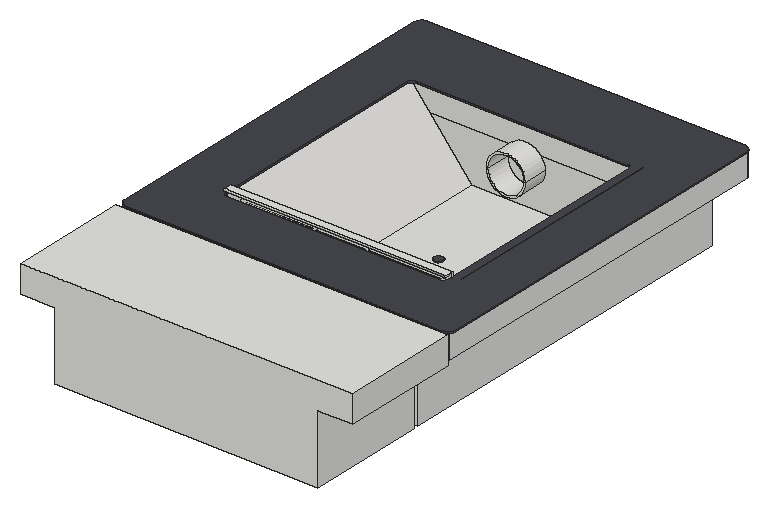
Revit family "Liv_In-Wall_Water Dispenser-Elkay-LBWDC00BKC", category Plumbing Fixtures, host Face, Revit 2022
Family settings
  Host = Face
  Round Connector Dimension = Use Diameter
  Part Type = Normal
  OmniClass Number = 23.65.70.14.11
  OmniClass Title = Drinking Fountains/Coolers
  Cut with Voids When Loaded = No
  Maintain Annotation Orientation = No
  Shared = No
  Room Calculation Point = No
Parameters (values of type "LBWDC00BKC (Commercial Filtered Water Dispenser Non refrigerated Midnight)")
  Width = 18.00"
  Waste Connection = no
  Voltage = 115 V
  URL = "https://www.elkay.com/us/en.html"
  Second material = Elkay-Transparent
  Repair Parts URL = "https://www.elkayfiles.com/care-cleaning-install-warranty-sheets/2000000350.pdf"
  Product data URL = "https://www.bimobject.com/en/elkay/product/lbwdc00bkc"
  Product Weight (lbs) = 25
  Product Page URL = "https://www.elkay.com/products/details/lbwdc00bkc"
  Product Installation Sheet URL = "https://www.elkayfiles.com/care-cleaning-install-warranty-sheets/2000000350.pdf"
  Product Documentation Link = "https://www.elkayfiles.com/spec-sheets/lbwdc00bkc_spec.pdf"
  Power Factor = 0
  Outlet connection = 1.25"
  Number of Poles = 1
  Model = "LBWDC00BKC"
  Material_Front Panel = Finish-Elkay-Midnight Black
  Manufacturer Brand = "Elkay (by Zurn Elkay Water Solutions)"
  Manufacturer = "Elkay Manufacturer Company"
  Main Material = Finish-Elkay-Stainless Steel
  Length = 5.13"
  Inlet connection = 0.38"
  Height = 28.00"
  Description = "Liv®  In-Wall Filtered Water Dispenser Non-refrigerated Midnight"
  Default Elevation = 48.00"
  Date Created = "09/05/2025"  # constant formula
  Current = 0 A
  CW Connection = no
  Assembly Code = "D2010"
  Approx. Shipping Weight (lbs) = 41
  Activation Method = "Electronic Bottle Filler Sensor"
Reference planes (in)
  plane 1 "Center (Front/Back)": y = 0
  plane 2: z = 0
  plane 3 "Center (Left/Right)": x = 0
  plane 4: x = -17.78201
  plane 5: x = 10.83353
  plane 6: z = 5.55545
  plane 7: z = 5.31587
  plane 8: x = -8.8714
  plane 9: x = -9
  plane 10: x = 9
  plane 11: x = 8.865
  plane 12: x = -6
  plane 13: x = 6
  plane 14: y = -5
  plane 15: x = -6.25
  plane 16: x = 6.25261
  plane 17: z = -0.17073
  plane 18: y = -7.1
  plane 19: y = 12.98044
  plane 20: z = 1.06641
  plane 21: x = -14.25
  plane 22: z = 2.86508
  plane 23: z = -3.8125
  plane 24: y = 2.94144
  plane 25: y = -44.05856
  plane 26: z = -1.30073
  plane 27: x = -7.7
Forms (in)
  Extrusion 1, void
    sketch origin (6.25261, -180, 18.04734) x (0, 0, -1) y (0, -1, 0)
      loop
        line (15.18226, -188.86536) -> (21.85984, -188.86536) -> (21.85984, -176.36044) -> (15.18226, -176.36044) -> (15.18226, -188.86536)
    from 0 to 12
  Extrusion 2, solid, material "Elkay-Transparent"
    sketch origin (0, 0, 0) x (1, 0, 0) y (0, 0, 1)
      loop
        circle (5.84, -2.6225) r 1
    from 7.358 to 7.47518
  Extrusion 3, solid, material "Elkay-Transparent"
    sketch origin (-40.11393, -5, 48) x (-1, 0, 0) y (0, 0, 1)
      loop
        circle (-32.41393, -49.30073) r 1
    from -2.1 to -2.1569
  Extrusion 4, solid, material "Elkay-Transparent"
    sketch origin (0.5, 0, 0) x (1, 0, 0) y (0, 1, 0)
      loop
        circle (6.25261, -6.02874) r 0.25
    from 1.01458 to 1.03135
Lines and regions (in)
  Masking region 1
    outline origin (-40.11393, -5, 48) x (-1, 0, 0) y (0, 0, 1)
      loop
        line (-31.11393, -51.91837) -> (-31.11393, -46.6772) -> (-31.11393, -46.6025) -> (-34.11393, -46.6025) -> (-34.11393, -46.36292) -> (-46.11393, -46.36292) -> (-46.11393, -46.6025) -> (-49.11393, -46.6025) -> (-49.11393, -48.08791) -> (-49.11393, -51.91837) -> (-31.11393, -51.91837)
  Masking region 2, detail levels fine
    outline origin (-40.11393, -5, 48) x (-1, 0, 0) y (0, 0, 1)
      loop
        circle (-32.41393, -49.30073) r 0.75
      loop
        circle (-45.95608, -50.62207) r 0.19
Dimensions and locks (in)
  locked: plane 6 to level at 5.55545
  locked: plane 7 to level at 5.31587
  locked: plane 5 to plane 11 at 1.96853
  plane 5 to plane 11 = 1.96853"
  locked: plane 3 "Center (Left/Right)" to plane 4 at 17.78201
  locked: plane 5 to plane 3 "Center (Left/Right)" at 10.83353
  locked: plane 3 "Center (Left/Right)" to plane 9 at 9
  locked: plane 3 "Center (Left/Right)" to plane 8 at 8.8714
  locked: plane 5 to plane 10 at 1.83353
  plane 13 to plane 3 "Center (Left/Right)" to plane 12 = 6.00" locked, 6.00" locked
  plane 15 to plane 3 "Center (Left/Right)" to plane 16 = 6.25" locked, 6.25261" locked
  locked: level to plane 17 at 0.17073
  locked: plane 1 "Center (Front/Back)" to plane 18 at 7.1
  locked: plane 14 to plane 18 at 2.1
  locked: plane 19 to plane 1 "Center (Front/Back)" at 12.98044
  locked: level to plane 23 at 3.8125
  locked: plane 23 to Extrusion 2 sketch curve at 0.19
  locked: Extrusion 2 to Extrusion 2 at 0.11718
  locked: plane 10 to Extrusion 2 sketch curve at 3.16
  locked: plane 24 to plane 25 at 47
  locked: level to plane 26 at 1.30073
  locked: plane 27 to plane 9 at 1.3
  locked: Extrusion 3 to plane 18 at 0.0569
  locked: Extrusion 4 to Extrusion 4 at 0.01677
  locked: plane 14 to Extrusion 4 sketch curve at 1.02874
  locked: plane 16 to Extrusion 4 sketch curve at 0.5
  locked: plane 16 to Masking region 2 sketch curve at 0.41046
  locked: plane 26 to Masking region 2 sketch curve at 1.32133
  aligned and locked: plane 2 to host face
  aligned and locked: level to host face
  aligned and locked: plane 19 to nested 1  (x2)
  aligned and locked: nested 1 to plane 23
  aligned and locked: Extrusion 1 sketch curve to nested 1  (x2)
  aligned and locked: plane 22 to Extrusion 1
  aligned and locked: Extrusion 1 to plane 23
  aligned and locked: nested 1 to Extrusion 2
  aligned and locked: Masking region 1 sketch curve to nested 1  (x6)
  aligned and locked: plane 12 to Masking region 1 sketch curve
  aligned and locked: nested 1 to Masking region 1 sketch curve
  aligned and locked: Masking region 1 sketch curve to plane 13
  aligned and locked: plane 26 to Extrusion 3 sketch curve
  aligned and locked: plane 27 to Extrusion 3 sketch curve
  aligned and locked: Extrusion 3 to plane 18
  aligned and locked: plane 26 to Masking region 2 sketch curve
  aligned and locked: plane 27 to Masking region 2 sketch curve
  aligned and locked: Extrusion 4 to nested 1
  aligned and locked: Masking region 1 sketch curve to plane 10
Nested families (in)
  nested 1: "LBWC00WHC" at (0, 3.64044, 1.3975) x (1, 0, 0) z (0, 1, 0), Material <- "Main Material", Material_Front Panel <- "Material_Front Panel", type "LBWC00WHC"
    with Material_Front Panel Finish-Elkay-Midnight Black, Material Finish-Elkay-Stainless Steel
Connectors (in)
  piping at (5.84, -7.47518, -2.6225), diameter 0.38, driven by "Inlet connection", driven by "CW Connection"
    settings: on Extrusion 2, index 4, connector inside diameter 24", connector length 0.00", flow factor 0, pipe flow 0 GPM, pressure drop 0.00 psi, fitting loss kfactor 0, connector angle 0.00°, fixture units 0, engagement length 0.00", angle of deflection 0.00°, flow configuration 0, flow direction 1, fitting loss method 0, system type 20, joint type 0, gender type 0, connector reference index -1, connector utility 0, adjustable connector no, is connector primary yes, connector description "Domestic Cold Water Inlet"
  piping at (-7.7, -7.1, -1.30073), diameter 1.25, driven by "Outlet connection", driven by "Waste Connection"
    settings: on Extrusion 3, index 5, connector inside diameter 24", connector length 0.00", flow factor 0, pipe flow 0 GPM, pressure drop 0.00 psi, fitting loss kfactor 0, connector angle 0.00°, fixture units 0, engagement length 0.00", angle of deflection 0.00°, flow configuration 0, flow direction 2, fitting loss method 0, system type 16, joint type 0, gender type 0, connector reference index -1, connector utility 0, adjustable connector no, is connector primary no, connector description "Sanitary Water Outlet"
  electrical at (6.75261, -6.02874, 1.03135), driven by "Number of Poles", driven by "Voltage"
    settings: on Extrusion 4, index 6, voltage 115 V, apparent load 0 VA, apparent load phase1 0 VA, apparent load phase2 0 VA, apparent load phase3 0 VA, power factor 1, load classification "Power", number of poles 1, system type 30, power factor state 1, is connector primary yes, connector utility no, sub classification motor no, connector description "GFCI Receptacle"
Definition of nested family "LBWC00WHC"
  Parameters (values of type "LBWDC00WHC")
    angle 1 = 50.1737°
    Width = 20.50"
    Thickness = 5.30616"
    Material_Front Panel [instance] = none
    Material [instance] = none
    Length = 18.00"
    Default Elevation = 48.00"
    Angle 2 = 49.9996°
  Reference planes (in)
    plane 1 "Center (Front/Back)": y = 0
    plane 2: z = -0.91
    plane 3 "Center (Left/Right)": x = 0
    plane 4: x = -9
    plane 5: z = -11.16
    plane 6: x = 9
    plane 7: z = 9.34
    plane 8: y = 5.31587
    plane 9: z = -7.24
    plane 10: z = -6.07
    plane 11: z = 4.93
    plane 12: y = 4.18794
    plane 13: y = 4.14794
    plane 14: y = 0.0747
    plane 15: z = 5.22492
    plane 16: z = 5.18492
    plane 17: x = -6
    plane 18: x = 6
    plane 19: z = -7.82654
    plane 20: z = 6.00654
    plane 21: y = 2.05587
    plane 22: y = 2.80587
    plane 23: z = 3.88098
    plane 24: x = -1.0644
    plane 25: x = -0.9644
    plane 26: x = -8.8314
    plane 27: x = 8.825
    plane 28: x = -8.8714
    plane 29: y = 5.27587
    plane 30: x = 8.785
    plane 31: y = 1.15848
    plane 32: y = 1.19848
    plane 33: x = 7.4104
    plane 34: x = -7.4104
    plane 35: z = -10.99844
    plane 36: z = 8.92174
    plane 37: y = 1.35263
    plane 38: y = 1.38853
    plane 39: z = 9.13483
    plane 40: z = 9.09893
    plane 41: y = 0.26261
    plane 42: z = 8.90544
    plane 43: z = 8.86954
    plane 44: z = 9.21544
    plane 45: z = 9.17559
    plane 46: x = 8.865
    plane 47: z = -10.95844
    plane 48: z = -7.28
    plane 49: y = -0.20304
    plane 50: y = -0.23958
    plane 51: y = -0.19981
    plane 52: y = -0.16399
    plane 53: z = -3.91668
    plane 54: z = -8.70325
    plane 55: z = -10.90216
    plane 56: z = -10.93806
    plane 57: y = 1.48541
    plane 58: z = -10.75225
    plane 59: z = -9.66918
    plane 60: x = -6.245
    plane 61: x = -3.03825
    plane 62: z = -9.06
    plane 63: z = -0.699
    plane 64: z = -11.285
    plane 65: z = -17.785
  Forms (in)
    Extrusion 1, solid, material <- "Material", detail levels fine
      sketch origin (0, 0, -0.91) x (1, 0, 0) y (0, 1, 0)
        loop
          line (-2.91865, 4.18794) -> (-6.34888, 0.0747) -> (-6.30888, 0.0747) -> (-2.91201, 4.14794) -> (2.88659, 4.14794) -> (6.30449, 0.0747) -> (6.34449, 0.0747) -> (2.89303, 4.18794) -> (-2.91865, 4.18794)
      from -6.33 to 6.13492
    Extrusion 2, solid, material <- "Material", detail levels fine
      sketch origin (0, 0, -0.91) x (1, 0, 0) y (0, 1, 0)
        loop
          line (-2.91865, 4.18794) -> (-6.34888, 0.0747) -> (6.34449, 0.0747) -> (2.89303, 4.18794) -> (-2.91865, 4.18794)
      from 6.09492 to 6.13492
    Extrusion 3, solid, material <- "Material_Front Panel", detail levels fine
      sketch origin (-25.99937, 2.05587, 48) x (-1, 0, 0) y (0, 0, 1)
        loop
          line (-20.24937, -43.07) -> (-31.74937, -43.07)
          arc (-31.74937, -43.07) -> (-31.92615, -43.14322) -> (-31.99937, -43.32) r 0.25
          line (-31.99937, -43.32) -> (-31.99937, -55.57654)
          arc (-31.99937, -55.57654) -> (-31.92615, -55.75331) -> (-31.74937, -55.82654) r 0.25
          line (-31.74937, -55.82654) -> (-20.24937, -55.82654)
          arc (-20.24937, -55.82654) -> (-20.07259, -55.75331) -> (-19.99937, -55.57654) r 0.25
          line (-19.99937, -55.57654) -> (-19.99937, -43.32)
          arc (-19.99937, -43.32) -> (-20.07259, -43.14322) -> (-20.24937, -43.07) r 0.25
        loop
          line (-17.44937, -38.66) -> (-34.54937, -38.66)
          arc (-34.54937, -38.66) -> (-34.86757, -38.7918) -> (-34.99937, -39.11) r 0.45
          line (-34.99937, -39.11) -> (-34.99937, -58.71)
          arc (-34.99937, -58.71) -> (-34.86757, -59.0282) -> (-34.54937, -59.16) r 0.45
          line (-34.54937, -59.16) -> (-17.44937, -59.16)
          arc (-17.44937, -59.16) -> (-17.13117, -59.0282) -> (-16.99937, -58.71) r 0.45
          line (-16.99937, -58.71) -> (-16.99937, -39.11)
          arc (-16.99937, -39.11) -> (-17.13117, -38.7918) -> (-17.44937, -38.66) r 0.45
      from -2.05587 to -1.98117
    Extrusion 4, solid, material <- "Material", detail levels fine
      sketch origin (0, 0, -0.91) x (1, 0, 0) y (0, 1, 0)
        loop
          line (-7.13, 5.21) -> (-7.13, 1.38853) -> (-6, 1.38853) -> (-6, 1.57853) -> (-6.94, 1.57853) -> (-6.94, 5.01814) -> (6.94, 5.01814) -> (6.94, 1.57853) -> (6, 1.57853) -> (6, 1.38853) -> (7.13, 1.38853) -> (7.13, 5.21) -> (-7.13, 5.21)
      from -10.08844 to 9.77954
    Extrusion 5, solid, material <- "Material", detail levels fine
      sketch origin (0, 0, 0) x (0, 1, 0) y (0, 0, 1)
        loop
          line (5.21, 8.90544) -> (1.42698, 8.90544)
          arc (1.42698, 8.90544) -> (1.39979, 8.9167) -> (1.38853, 8.94389) r 0.03845
          line (1.38853, 8.94389) -> (1.38853, 9.0675)
          arc (1.38853, 9.0675) -> (1.36881, 9.11511) -> (1.32121, 9.13483) r 0.06732
          line (1.32121, 9.13483) -> (0.26261, 9.13483) -> (0.26261, 9.09893) -> (1.3244, 9.09893)
          arc (1.3244, 9.09893) -> (1.34436, 9.09066) -> (1.35263, 9.07069) r 0.02824
          line (1.35263, 9.07069) -> (1.35263, 8.93711)
          arc (1.35263, 8.93711) -> (1.37242, 8.88933) -> (1.4202, 8.86954) r 0.06757
          line (1.4202, 8.86954) -> (5.21, 8.86954) -> (5.21, 8.90544)
      from -7.13 to 7.13
    Extrusion 6, solid, material <- "Material", detail levels fine
      sketch origin (-25.99937, 2.05587, 48) x (-1, 0, 0) y (0, 0, 1)
        loop
          line (-17.21808, -38.78456) -> (-34.8087, -38.78456)
          arc (-34.8087, -38.78456) -> (-34.84807, -38.80087) -> (-34.86437, -38.84023) r 0.05567
          line (-34.86437, -38.84023) -> (-34.86437, -58.99844) -> (-31.99937, -58.99844) -> (-31.99937, -42.84766)
          arc (-31.99937, -42.84766) -> (-31.98983, -42.82462) -> (-31.9668, -42.81508) r 0.03257
          line (-31.9668, -42.81508) -> (-19.80756, -42.81508)
          arc (-19.80756, -42.81508) -> (-19.76995, -42.83066) -> (-19.75437, -42.86827) r 0.05319
          line (-19.75437, -42.86827) -> (-19.75437, -58.99844) -> (-17.12797, -58.99844) -> (-17.12797, -38.87467)
          arc (-17.12797, -38.87467) -> (-17.15436, -38.81095) -> (-17.21808, -38.78456) r 0.09011
      from -1.98117 to -0.66734
    Extrusion 7, solid, material <- "Material", detail levels fine
      sketch origin (-0.04, 0, -0.91) x (1, 0, 0) y (0, 1, 0)
        loop
          line (-6.30888, 0.0747) -> (6.34449, 0.0747) -> (2.89303, 4.18794) -> (-2.87865, 4.18794) -> (-6.30888, 0.0747)
      from -6.37 to -6.33
    Extrusion 8, solid, material <- "Material", detail levels fine
      sketch origin (0, 0, 0) x (0, 1, 0) y (0, 0, 1)
        loop
          line (0.0747, -7.24) -> (-0.23958, -7.24) -> (-0.23958, -7.70059)
          arc (-0.23958, -7.70059) -> (-0.20179, -7.73839) -> (-0.16399, -7.70059) r 0.03779
          line (-0.16399, -7.70059) -> (-0.16399, -7.52105) -> (-0.20304, -7.52105) -> (-0.20304, -7.28) -> (0.0747, -7.28) -> (0.0747, -7.24)
      from -6 to 6
    Extrusion 9, void
      sketch origin (0, 0, -0.91) x (1, 0, 0) y (0, 1, 0)
        loop
          circle (0, 2.05587) r 0.5
      from -7.79325 to -5.16
    Extrusion 10, void
      sketch origin (0, 0, -0.91) x (1, 0, 0) y (0, 1, 0)
        loop
          line (-3.35425, 2.77725) -> (-3.43733, 2.67763) -> (-1.51305, 2.67763) -> (-1.51305, 2.77725) -> (-3.35425, 2.77725)
        loop
          line (-3.64736, 2.42578) -> (-3.74906, 2.30382) -> (-1.51305, 2.30382) -> (-1.51305, 2.42578) -> (-3.64736, 2.42578)
        loop
          line (-3.94453, 2.06944) -> (-4.04608, 1.94767) -> (-1.51305, 1.94767) -> (-1.51305, 2.06944) -> (-3.94453, 2.06944)
        loop
          line (-4.25029, 1.7028) -> (-4.35291, 1.57974) -> (-1.51305, 1.57974) -> (-1.51305, 1.7028) -> (-4.25029, 1.7028)
        loop
          line (-4.5585, 1.33322) -> (-4.64485, 1.22967) -> (-1.51305, 1.22967) -> (-1.51305, 1.33322) -> (-4.5585, 1.33322)
        loop
          line (-1.51305, 3.0508) -> (-1.51305, 3.13157) -> (-3.05877, 3.13157) -> (-3.12613, 3.0508) -> (-1.51305, 3.0508)
        loop
          line (-1.51305, 3.42396) -> (-1.51305, 3.47908) -> (-2.76896, 3.47908) -> (-2.81493, 3.42396) -> (-1.51305, 3.42396)
        loop
          line (3.483, 2.77725) -> (1.51305, 2.77725) -> (1.51305, 2.67763) -> (3.56237, 2.67763) -> (3.483, 2.77725)
        loop
          line (3.76303, 2.42578) -> (1.51305, 2.42578) -> (1.51305, 2.30382) -> (3.8602, 2.30382) -> (3.76303, 2.42578)
        loop
          line (4.04695, 2.06944) -> (1.51305, 2.06944) -> (1.51305, 1.94767) -> (4.14397, 1.94767) -> (4.04695, 2.06944)
        loop
          line (4.33907, 1.7028) -> (1.51305, 1.7028) -> (1.51305, 1.57974) -> (4.43711, 1.57974) -> (4.33907, 1.7028)
        loop
          line (4.63353, 1.33322) -> (1.51305, 1.33322) -> (1.51305, 1.22967) -> (4.71603, 1.22967) -> (4.63353, 1.33322)
        loop
          line (1.51305, 3.0508) -> (3.26505, 3.0508) -> (3.2007, 3.13157) -> (1.51305, 3.13157) -> (1.51305, 3.0508)
        loop
          line (1.51305, 3.42396) -> (2.96774, 3.42396) -> (2.92381, 3.47908) -> (1.51305, 3.47908) -> (1.51305, 3.42396)
        loop
          line (-1.33722, 3.47908) -> (-1.33722, 3.42396) -> (1.3477, 3.42396) -> (1.3477, 3.47908) -> (-1.33722, 3.47908)
        loop
          line (-1.31763, 3.13157) -> (-1.31763, 3.0508) -> (1.3477, 3.0508) -> (1.3477, 3.13157) -> (-1.31763, 3.13157)
        loop
          line (-1.31763, 2.77725) -> (-1.31763, 2.67763) -> (1.3477, 2.67763) -> (1.3477, 2.77725) -> (-1.31763, 2.77725)
        loop
          line (-1.31763, 2.42578) -> (-1.31763, 2.30382) -> (-0.63104, 2.30382) -> (-0.56132, 2.42578) -> (-1.31763, 2.42578)
        loop
          line (-1.31763, 2.06944) -> (-1.31763, 1.94767) -> (-0.58993, 1.94767) -> (-0.58993, 2.06944) -> (-1.31763, 2.06944)
        loop
          line (-1.31763, 1.7028) -> (-1.31763, 1.57974) -> (-0.50895, 1.57974) -> (-0.58993, 1.7028) -> (-1.31763, 1.7028)
        loop
          line (-1.31763, 1.33322) -> (-1.31763, 1.22967) -> (1.31471, 1.22967) -> (1.31471, 1.33322) -> (-1.31763, 1.33322)
        loop
          line (1.31763, 2.42578) -> (0.56132, 2.42578) -> (0.63104, 2.30382) -> (1.31763, 2.30382) -> (1.31763, 2.42578)
        loop
          line (1.31763, 2.06944) -> (0.58993, 2.06944) -> (0.58993, 1.94767) -> (1.31763, 1.94767) -> (1.31763, 2.06944)
        loop
          line (1.31763, 1.7028) -> (0.58993, 1.7028) -> (0.50895, 1.57974) -> (1.31763, 1.57974) -> (1.31763, 1.7028)
        loop
          line (-4.87607, 0.95242) -> (-4.96242, 0.84887) -> (-1.51305, 0.84887) -> (-1.51305, 0.95242) -> (-4.87607, 0.95242)
        loop
          line (-5.14363, 0.63158) -> (-5.22998, 0.52803) -> (-1.51305, 0.52803) -> (-1.51305, 0.63158) -> (-5.14363, 0.63158)
        loop
          line (-5.36498, 0.36615) -> (-5.45133, 0.26261) -> (-1.51305, 0.26261) -> (-1.51305, 0.36615) -> (-5.36498, 0.36615)
        loop
          line (-1.31763, 0.95242) -> (-1.31763, 0.84887) -> (1.31471, 0.84887) -> (1.31471, 0.95242) -> (-1.31763, 0.95242)
        loop
          line (-1.31763, 0.63158) -> (-1.31763, 0.52803) -> (1.31763, 0.52803) -> (1.31763, 0.63158) -> (-1.31763, 0.63158)
        loop
          line (-1.31597, 0.36615) -> (-1.31597, 0.26261) -> (1.31763, 0.26261) -> (1.31763, 0.36615) -> (-1.31597, 0.36615)
        loop
          line (4.93693, 0.95242) -> (1.51305, 0.95242) -> (1.51305, 0.84887) -> (5.01944, 0.84887) -> (4.93693, 0.95242)
        loop
          line (5.19256, 0.63158) -> (1.51305, 0.63158) -> (1.51305, 0.52803) -> (5.27506, 0.52803) -> (5.19256, 0.63158)
        loop
          line (5.40404, 0.36615) -> (1.51305, 0.36615) -> (1.51305, 0.26261) -> (5.48654, 0.26261) -> (5.40404, 0.36615)
      from -7.79325 to -5.16
    Extrusion 11, solid, material <- "Material", detail levels coarse+medium
      sketch origin (0, 0, -0.91) x (1, 0, 0) y (0, 1, 0)
        loop
          line (-9, 5.31587) -> (-9, 0) -> (9, 0) -> (9, 5.31587) -> (-9, 5.31587)
      from -10.25 to 10.25
    Extrusion 12, void
      sketch origin (0, 0, -0.91) x (1, 0, 0) y (0, 1, 0)
        loop
          line (-2.21117, 4.14794) -> (-7.20205, -1.83671) -> (7.15917, -1.83671) -> (2.3909, 4.14794) -> (-2.21117, 4.14794)
      from -5.16 to 5.84
    Extrusion 13, solid, material <- "Material", detail levels fine
      sketch origin (0, 0, 0) x (0, 1, 0) y (0, 0, 1)
        loop
          line (5.21, -10.95844) -> (5.21, -10.90216) -> (1.35263, -10.90216) -> (1.35263, -10.95844) -> (5.21, -10.95844)
      from -7.13 to 7.13
    Extrusion 14, solid, material <- "Material", detail levels fine
      sketch origin (0, 0, 0) x (0, 1, 0) y (0, 0, 1)
        loop
          line (1.48541, -10.99844) -> (1.48541, -10.95844) -> (0.15388, -10.95844)
          arc (0.15388, -10.95844) -> (0.12812, -10.94777) -> (0.11745, -10.92201) r 0.03643
          line (0.11745, -10.92201) -> (0.11745, -10.75225) -> (0.0747, -10.75225) -> (0.0747, -10.90837)
          arc (0.0747, -10.90837) -> (0.10108, -10.97206) -> (0.16477, -10.99844) r 0.09007
          line (0.16477, -10.99844) -> (1.48541, -10.99844)
      from -8.8314 to 8.785
    Revolve 15, solid, material <- "Material"
      sketch origin (-25.99937, 2.05587, 48) x (-1, 0, 0) y (0, 0, 1)
        loop
          line (-25.03497, -42.81508) -> (-25.03497, -44.11902) -> (-24.93497, -44.11902) -> (-24.93497, -42.81508) -> (-25.03497, -42.81508)
        axis (-25.99937, -42.81508) -> (-25.99937, -44.11902)
      angle from 0 to 360
    Extrusion 16, solid
      sketch origin (-25.99937, 2.05587, 48) x (-1, 0, 0) y (0, 0, 1)
        loop
          circle (-25.99937, -48.699) r 0.25
      from 2.07585 to 2.13207
    Extrusion 17, solid, material <- "Material"
      sketch origin (0, 0, -0.91) x (1, 0, 0) y (0, 1, 0)
        loop
          line (-9, 1.48541) -> (-9, 0) -> (9, 0) -> (9, 1.48541) -> (7.13, 1.48541) -> (7.13, 5.21) -> (-7.13, 5.21) -> (-7.13, 1.48541) -> (-9, 1.48541)
      from -16.875 to -10.375
  Cuts and joins
    Extrusion 9, Extrusion 10, Extrusion 12 cuts Extrusion 1
    Extrusion 9, Extrusion 10, Extrusion 12 cuts Extrusion 2
    joined: Extrusion 1, Extrusion 2
    Extrusion 9, Extrusion 10, Extrusion 12 cuts Extrusion 4
    Extrusion 9, Extrusion 10, Extrusion 12 cuts Extrusion 5
    joined: Extrusion 4, Extrusion 5, Extrusion 13, Extrusion 14
    Extrusion 9, Extrusion 10 cuts Extrusion 7
    joined: Extrusion 7, Extrusion 8
    Extrusion 10, Extrusion 12 cuts Extrusion 6
    Extrusion 12 cuts Extrusion 3
    Extrusion 12 cuts Extrusion 11
  Lines and regions (in)
    reference lines
      curve 1: line (-6.41118, 0, -0.91) -> (-2.91865, 4.18794, -0.91)
      curve 2: line (2.89303, 4.18794, -0.91) -> (6.40717, 0, -0.91)
      curve 3: line (-6.37118, 0, -0.91) -> (-2.87865, 4.18794, -0.91)
      curve 4: line (2.85303, 4.18794, -0.91) -> (6.36717, 0, -0.91)
      curve 5: line (-5.87013, -0.23958, -0.91) -> (-2.17781, 4.18794, -0.91)
      curve 6: line (2.35903, 4.18794, -0.91) -> (5.88666, -0.23958, -0.91)
      curve 7: line (3.44098, 1.35263, -0.91) -> (5.17286, 2.80587, -0.91)
  Dimensions and locks (in)
    equal spacing: plane 6, plane 3 "Center (Left/Right)", plane 4, locked at 9 each
    equal spacing: plane 7, level, plane 5, locked at 10.25 each
    "Width": plane 7 to plane 5
    "Length": plane 6 to plane 4
    plane 1 "Center (Front/Back)" to plane 8 = 5.31587"
    locked: plane 9 to plane 5 at 3.92
    locked: plane 11 to plane 9 at 12.17
    plane 8 to plane 12 = 1.12793"
    locked: plane 12 to plane 13 at 0.04
    locked: plane 8 to plane 12 at 1.12793
    locked: plane 1 "Center (Front/Back)" to plane 14 at 0.0747
    locked: plane 15 to plane 11 at 0.29492
    locked: plane 15 to plane 16 at 0.04
    equal spacing: plane 18, plane 3 "Center (Left/Right)", plane 17, locked at 6 each
    locked: plane 3 "Center (Left/Right)" to plane 17 at 6
    equal spacing: plane 20, level, plane 19
    level to plane 19 = 6.91654"
    locked: plane 8 to plane 21 at 3.26
    locked: plane 11 to plane 23 at 1.04902
    locked: plane 25 to plane 24 at 0.1
    locked: plane 3 "Center (Left/Right)" to plane 25 at 0.9644
    locked: plane 4 to plane 28 at 0.1286
    locked: plane 28 to plane 26 at 0.04
    locked: plane 8 to plane 29 at 0.04
    locked: plane 30 to plane 27 at 0.04
    locked: plane 32 to plane 31 at 0.04
    locked: plane 32 to plane 14 at 1.12378
    locked: plane 4 to plane 34 at 1.5896
    locked: plane 33 to plane 6 at 1.5896
    locked: plane 35 to plane 5 at 0.16156
    locked: plane 7 to plane 36 at 0.41826
    locked: plane 38 to plane 37 at 0.0359
    locked: plane 39 to plane 40 at 0.0359
    locked: plane 42 to plane 43 at 0.0359
    locked: plane 40 to plane 42 at 0.19349
    locked: plane 44 to plane 45 at 0.03985
    locked: plane 7 to plane 44 at 0.12456
    locked: plane 46 to plane 27 at 0.04
    locked: plane 6 to plane 46 at 0.135
    locked: plane 47 to plane 35 at 0.04
    locked: plane 9 to plane 48 at 0.04
    locked: plane 52 to plane 51 at 0.03581
    locked: plane 49 to plane 50 at 0.03654
    locked: plane 41 to plane 52 at 0.4266
    locked: plane 41 to plane 50 at 0.50219
    locked: plane 31 to plane 41 at 0.89588
    locked: plane 53 to plane 10 at 2.15332
    locked: plane 10 to plane 48 at 1.21
    locked: plane 56 to plane 5 at 0.22194
    locked: plane 55 to plane 56 at 0.0359
    locked: plane 58 to plane 55 at 0.14991
    locked: plane 21 to plane 57 at 0.57046
    locked: plane 22 to plane 21 at 0.75
    locked: plane 58 to plane 54 at 2.049
    locked: plane 59 to plane 58 at 1.08307
    locked: plane 19 to plane 54 at 0.87672
    locked: plane 45 to plane 43 at 0.30605
    plane 60 to plane 28 = 2.6264"
    locked: plane 34 to plane 60 at 1.1654
    plane 60 to plane 17 = 0.245"
    locked: plane 17 to plane 3 "Center (Left/Right)" at 6
    locked: plane 17 to plane 61 at 2.96175
    locked: plane 21 to plane 38 at 0.66734
    locked: plane 62 to plane 54 at 0.35675
    plane 4 to Extrusion 11 = 18.00"
    locked: plane 1 "Center (Front/Back)" to Extrusion 4 sketch curve at 5.21
    locked: cut or joined group of Extrusion 4, Extrusion 5, Extrusion 9, Extrusion 10, Extrusion 12, Extrusion 13, Extrusion 14 to cut or joined group of Extrusion 4, Extrusion 5, Extrusion 9, Extrusion 10, Extrusion 12, Extrusion 13, Extrusion 14 at 0.19186
    plane 4 to Extrusion 4 sketch curve = 1.87"
    Extrusion 4 sketch curve to plane 6 = 1.87"
    locked: cut or joined group of Extrusion 4, Extrusion 5, Extrusion 9, Extrusion 10, Extrusion 12, Extrusion 13, Extrusion 14 to plane 33 at 0.2804
    locked: plane 34 to cut or joined group of Extrusion 4, Extrusion 5, Extrusion 9, Extrusion 10, Extrusion 12, Extrusion 13, Extrusion 14 at 0.2804
    locked: plane 11 to plane 63 at 5.629
    locked: cut or joined group of Extrusion 1, Extrusion 2, Extrusion 9, Extrusion 10, Extrusion 12 to Extrusion 16 at 0.05622
    locked: plane 5 to plane 65 at 6.625
    "angle 1": angle plane 13 to curve 1
    "Angle 2": angle curve 2 to plane 13
    locked: plane 22 to curve 7 (angle 40.0004°)
    locked: cut or joined group of Extrusion 7, Extrusion 8, Extrusion 9, Extrusion 10 to curve 5 (angle 50.1737°)
    locked: cut or joined group of Extrusion 7, Extrusion 8, Extrusion 9, Extrusion 10 to curve 6 (angle 128.546°)
    aligned and locked: plane 2 to level
    aligned and locked: plane 1 "Center (Front/Back)" to curve 1
    aligned and locked: plane 12 to curve 1
    aligned and locked: plane 12 to curve 2
    aligned and locked: plane 1 "Center (Front/Back)" to curve 2
    aligned and locked: plane 1 "Center (Front/Back)" to curve 3
    aligned and locked: plane 12 to curve 3
    aligned and locked: plane 12 to curve 4
    aligned and locked: plane 1 "Center (Front/Back)" to curve 4
    aligned and locked: Extrusion 1 sketch curve to plane 12
    aligned and locked: Extrusion 1 sketch curve to plane 13
    aligned and locked: Extrusion 1 sketch curve to curve 1
    aligned and locked: Extrusion 1 sketch curve to curve 3
    aligned and locked: Extrusion 1 sketch curve to curve 2
    aligned and locked: curve 4 to Extrusion 1 sketch curve
    aligned and locked: Extrusion 1 sketch curve to plane 14  (x2)
    aligned and locked: Extrusion 1 to plane 9
    aligned and locked: plane 15 to Extrusion 1
    aligned and locked: curve 1 to Extrusion 2 sketch curve
    aligned and locked: Extrusion 2 sketch curve to plane 12
    aligned and locked: Extrusion 2 sketch curve to curve 2
    aligned and locked: plane 14 to Extrusion 2 sketch curve
    aligned and locked: plane 15 to Extrusion 2
    aligned and locked: Extrusion 2 to plane 16
    aligned and locked: Extrusion 3 sketch curve to plane 11
    aligned and locked: plane 17 to Extrusion 3 sketch curve
    aligned and locked: Extrusion 3 sketch curve to plane 18
    aligned and locked: plane 19 to Extrusion 3 sketch curve
    aligned and locked: Extrusion 3 sketch curve to plane 7
    aligned and locked: plane 4 to Extrusion 3 sketch curve
    aligned and locked: plane 5 to Extrusion 3 sketch curve
    aligned and locked: Extrusion 3 sketch curve to plane 6
    aligned and locked: plane 1 "Center (Front/Back)" to Extrusion 3
    aligned and locked: plane 14 to Extrusion 3
    aligned and locked: Extrusion 4 to plane 35
    aligned and locked: plane 43 to Extrusion 5 sketch curve
    aligned and locked: Extrusion 5 sketch curve to plane 42
    aligned and locked: plane 37 to Extrusion 5 sketch curve
    aligned and locked: Extrusion 5 sketch curve to plane 38
    aligned and locked: Extrusion 5 sketch curve to plane 39
    aligned and locked: plane 40 to Extrusion 5 sketch curve
    aligned and locked: plane 41 to Extrusion 5 sketch curve
    aligned and locked: plane 43 to Extrusion 4
    aligned and locked: Extrusion 6 sketch curve to plane 44
    aligned and locked: plane 28 to Extrusion 6 sketch curve
    aligned and locked: Extrusion 6 sketch curve to plane 46
    aligned and locked: Extrusion 6 sketch curve to plane 35  (x2)
    aligned and locked: plane 38 to Extrusion 6
    aligned and locked: Extrusion 6 to plane 14
    aligned and locked: plane 9 to Extrusion 7
    aligned and locked: Extrusion 7 to plane 48
    aligned and locked: Extrusion 7 sketch curve to cut or joined group of Extrusion 1, Extrusion 2, Extrusion 9, Extrusion 10, Extrusion 12
    aligned and locked: plane 14 to Extrusion 7 sketch curve
    aligned and locked: Extrusion 8 sketch curve to plane 9
    aligned and locked: plane 48 to Extrusion 8 sketch curve
    aligned and locked: plane 50 to Extrusion 8 sketch curve
    aligned and locked: Extrusion 8 sketch curve to plane 49
    aligned and locked: Extrusion 8 sketch curve to plane 14
    aligned and locked: plane 52 to Extrusion 8 sketch curve
    aligned and locked: Extrusion 8 to plane 17
    aligned and locked: plane 18 to Extrusion 8
    aligned and locked: plane 3 "Center (Left/Right)" to Extrusion 9 sketch curve
    aligned and locked: plane 21 to Extrusion 9 sketch curve
    aligned and locked: plane 10 to Extrusion 9
    aligned and locked: plane 22 to curve 7
    aligned and locked: plane 37 to curve 7
    aligned and locked: plane 12 to curve 5
    aligned and locked: plane 50 to curve 5
    aligned and locked: plane 12 to curve 6
    aligned and locked: plane 50 to curve 6
    aligned and locked: curve 5 to Extrusion 10 sketch curve  (x10)
    aligned and locked: Extrusion 10 sketch curve to curve 6  (x5)
    aligned and locked: curve 6 to Extrusion 10 sketch curve  (x5)
    aligned and locked: plane 10 to Extrusion 10
    aligned and locked: Extrusion 10 to plane 54
    aligned and locked: Extrusion 10 to Extrusion 9
    aligned and locked: Extrusion 11 sketch curve to plane 8
    aligned and locked: Extrusion 11 to plane 4
    aligned and locked: plane 6 to Extrusion 11
    aligned and locked: Extrusion 11 sketch curve to plane 1 "Center (Front/Back)"
    aligned and locked: Extrusion 12 sketch curve to curve 5
    aligned and locked: curve 6 to Extrusion 12 sketch curve
    aligned and locked: Extrusion 12 sketch curve to plane 13
    aligned and locked: plane 11 to cut or joined group of Extrusion 11, Extrusion 12
    aligned and locked: cut or joined group of Extrusion 11, Extrusion 12 to plane 10
    aligned and locked: plane 55 to Extrusion 13 sketch curve
    aligned and locked: Extrusion 13 sketch curve to plane 37
    aligned and locked: Extrusion 14 sketch curve to plane 35
    aligned and locked: plane 47 to Extrusion 14 sketch curve
    aligned and locked: Extrusion 14 sketch curve to plane 14
    aligned and locked: Extrusion 13 sketch curve to plane 47
    aligned and locked: plane 57 to Extrusion 14 sketch curve
    aligned and locked: plane 58 to Extrusion 14 sketch curve
    aligned and locked: Extrusion 14 to plane 26
    aligned and locked: plane 30 to Extrusion 14
    aligned and locked: plane 24 to Revolve 15 sketch curve
    aligned and locked: Revolve 15 sketch curve to plane 25
    aligned and locked: plane 23 to Revolve 15 sketch curve
    aligned and locked: Revolve 15 sketch curve to plane 16
    aligned and locked: Revolve 15 sketch curve to plane 3 "Center (Left/Right)"
    aligned and locked: cut or joined group of Extrusion 11, Extrusion 12 to plane 5
    aligned and locked: plane 7 to cut or joined group of Extrusion 11, Extrusion 12
    aligned and locked: Extrusion 5 sketch curve to cut or joined group of Extrusion 4, Extrusion 5, Extrusion 9, Extrusion 10, Extrusion 12, Extrusion 13, Extrusion 14
    aligned and locked: Extrusion 13 sketch curve to cut or joined group of Extrusion 4, Extrusion 5, Extrusion 9, Extrusion 10, Extrusion 12, Extrusion 13, Extrusion 14
    aligned and locked: Extrusion 4 sketch curve to plane 38  (x2)
    aligned and locked: Extrusion 4 sketch curve to plane 17
    aligned and locked: Extrusion 4 sketch curve to plane 18
    aligned and locked: Extrusion 5 to Extrusion 4
    aligned and locked: cut or joined group of Extrusion 4, Extrusion 5, Extrusion 9, Extrusion 10, Extrusion 12, Extrusion 13, Extrusion 14 to cut or joined group of Extrusion 4, Extrusion 5, Extrusion 9, Extrusion 10, Extrusion 12, Extrusion 13, Extrusion 14  (x2)
    aligned and locked: Extrusion 13 to Extrusion 4
    aligned and locked: plane 60 to Extrusion 6 sketch curve
    aligned and locked: Extrusion 6 sketch curve to plane 18
    aligned and locked: Extrusion 6 sketch curve to plane 16
    aligned and locked: Extrusion 17 sketch curve to cut or joined group of Extrusion 4, Extrusion 5, Extrusion 9, Extrusion 10, Extrusion 12, Extrusion 13, Extrusion 14  (x3)
    aligned and locked: Extrusion 17 sketch curve to plane 57  (x2)
    aligned and locked: plane 4 to Extrusion 17 sketch curve
    aligned and locked: Extrusion 17 sketch curve to plane 1 "Center (Front/Back)"
    aligned and locked: Extrusion 17 sketch curve to plane 6
    aligned and locked: Extrusion 17 to plane 65
    aligned and locked: plane 64 to Extrusion 17
  Automatic sketch dimensions
    Extrusion 1 sketch curve to Extrusion 1 sketch curve = 0.00644"
    Extrusion 3 sketch curve to plane 42 = 0.01544"
    Extrusion 3 sketch curve to plane 30 = 0.235"
    Extrusion 3 sketch curve to plane 18 = 0.25"  (x2)
    Extrusion 3 sketch curve to Extrusion 3 sketch curve = 0.25"
    plane 17 to Extrusion 3 sketch curve = 0.25"
    plane 26 to Extrusion 3 sketch curve = 0.2814"  (x2)
    Extrusion 5 sketch curve to plane 37 = 0.03142"
    Extrusion 5 sketch curve to Extrusion 5 sketch curve = 0.00319"
    plane 38 to Extrusion 5 sketch curve = 0.03167"
    Extrusion 5 sketch curve to Extrusion 5 sketch curve = 0.00678"
    Extrusion 6 sketch curve to plane 27 = 0.01567"
    Extrusion 6 sketch curve to plane 30 = 2.81757"
    Extrusion 6 sketch curve to plane 39 = 4.0031"
    Extrusion 6 sketch curve to Extrusion 6 sketch curve = 2.58948"
    Extrusion 7 sketch curve to plane 12 = 0.00"
    plane 3 "Center (Left/Right)" to Extrusion 7 sketch curve = 2.85303"
    plane 18 to Extrusion 7 sketch curve = 0.30449"
    plane 19 to Extrusion 8 sketch curve = 0.12594"
    Extrusion 8 sketch curve to Extrusion 8 sketch curve = 0.17954"
    plane 34 to curve 5 = 1.54027"
    curve 1 to plane 17 = 0.41118"
    curve 1 to curve 3 = 0.04"  (x2)
    curve 5 to plane 24 = 1.11341"
    plane 3 "Center (Left/Right)" to curve 6 = 2.35903"
    curve 6 to curve 4 = 0.494"
    curve 4 to curve 2 = 0.04"  (x2)
    curve 7 to plane 18 = 2.55902"
    curve 6 to plane 18 = 0.11334"
    Extrusion 10 sketch curve to plane 41 = 0.00"  (x3)
    plane 41 to Extrusion 10 sketch curve = 0.10355"
    plane 41 to Extrusion 10 sketch curve = 0.26542"
    Extrusion 10 sketch curve to Extrusion 10 sketch curve = 0.08635"  (x2)
    Extrusion 10 sketch curve to plane 31 = 0.30961"
    plane 32 to Extrusion 10 sketch curve = 0.03119"  (x3)
    Extrusion 10 sketch curve to Extrusion 10 sketch curve = 0.10262"
    Extrusion 10 sketch curve to plane 22 = 0.02862"  (x3)
    plane 22 to Extrusion 10 sketch curve = 0.24493"  (x2)
    plane 22 to Extrusion 10 sketch curve = 0.3257"  (x2)
    Extrusion 10 sketch curve to Extrusion 10 sketch curve = 0.24384"
    Extrusion 10 sketch curve to plane 13 = 0.66886"  (x2)
    Extrusion 10 sketch curve to Extrusion 10 sketch curve = 0.00"  (x18)
    Extrusion 10 sketch curve to Extrusion 10 sketch curve = 0.19542"  (x12)
    Extrusion 10 sketch curve to Extrusion 10 sketch curve = 0.17583"
    Extrusion 10 sketch curve to Extrusion 10 sketch curve = 0.00165"
    plane 25 to Extrusion 10 sketch curve = 0.33335"
    plane 21 to Extrusion 10 sketch curve = 0.01357"  (x4)
    Extrusion 10 sketch curve to Extrusion 10 sketch curve = 0.04111"
    Extrusion 10 sketch curve to Extrusion 10 sketch curve = 0.06972"  (x2)
    Extrusion 10 sketch curve to Extrusion 10 sketch curve = 0.08098"  (x3)
    plane 38 to Extrusion 10 sketch curve = 0.19121"  (x2)
    plane 3 "Center (Left/Right)" to Extrusion 10 sketch curve = 0.50895"
    plane 3 "Center (Left/Right)" to Extrusion 10 sketch curve = 0.56132"
    Extrusion 10 sketch curve to plane 21 = 0.1082"  (x4)
    Extrusion 10 sketch curve to plane 31 = 0.20607"  (x2)
    Extrusion 10 sketch curve to Extrusion 10 sketch curve = 0.80576"
    Extrusion 10 sketch curve to Extrusion 10 sketch curve = 0.68658"
    Extrusion 10 sketch curve to Extrusion 10 sketch curve = 0.00292"  (x2)
    Extrusion 10 sketch curve to Extrusion 10 sketch curve = 0.03008"
    Extrusion 10 sketch curve to Extrusion 10 sketch curve = 0.16535"  (x3)
    Extrusion 10 sketch curve to Extrusion 10 sketch curve = 0.19834"  (x2)
    Extrusion 10 sketch curve to Extrusion 10 sketch curve = 0.04392"
    Extrusion 10 sketch curve to Extrusion 10 sketch curve = 0.07937"
    Extrusion 10 sketch curve to Extrusion 10 sketch curve = 0.20067"
    Extrusion 10 sketch curve to Extrusion 10 sketch curve = 0.09717"
    plane 38 to Extrusion 10 sketch curve = 0.31427"
    Extrusion 10 sketch curve to Extrusion 10 sketch curve = 0.09804"
    Extrusion 10 sketch curve to plane 37 = 0.01941"  (x3)
    Extrusion 10 sketch curve to Extrusion 10 sketch curve = 0.0825"  (x3)
    Extrusion 10 sketch curve to Extrusion 10 sketch curve = 0.12897"
    Extrusion 10 sketch curve to Extrusion 10 sketch curve = 0.10355"  (x3)
    Extrusion 10 sketch curve to Extrusion 10 sketch curve = 0.16188"
    Extrusion 10 sketch curve to Extrusion 10 sketch curve = 0.12306"  (x2)
    Extrusion 10 sketch curve to Extrusion 10 sketch curve = 0.23438"
    Extrusion 10 sketch curve to Extrusion 10 sketch curve = 0.12196"  (x2)
    Extrusion 10 sketch curve to Extrusion 10 sketch curve = 0.09961"
    Extrusion 10 sketch curve to Extrusion 10 sketch curve = 0.08077"
    Extrusion 10 sketch curve to Extrusion 10 sketch curve = 0.05513"
    Extrusion 11 sketch curve to plane 28 = 0.1286"
    plane 46 to Extrusion 11 sketch curve = 0.135"
    plane 56 to Extrusion 14 sketch curve = 0.01605"
    plane 14 to Extrusion 14 sketch curve = 0.04275"
    Extrusion 14 sketch curve to plane 55 = 0.00621"
    plane 57 to Extrusion 10 sketch curve = 0.09433"
    plane 21 to Extrusion 10 sketch curve = 0.24795"
    plane 21 to Extrusion 10 sketch curve = 0.36991"
    Extrusion 10 sketch curve to plane 22 = 0.12824"
    Extrusion 10 sketch curve to plane 24 = 0.44866"  (x2)
    Revolve 15 sketch curve to plane 24 = 0.00"
    Revolve 15 sketch curve to plane 23 = 0.82022"
    plane 15 to Revolve 15 sketch curve = 0.33584"
    plane 34 to Extrusion 12 sketch curve = 0.20835"
    Extrusion 4 sketch curve to Extrusion 4 sketch curve = 0.19"  (x2)
    plane 57 to Extrusion 4 sketch curve = 0.09312"  (x2)
    Extrusion 4 sketch curve to plane 29 = 0.25772"
    Extrusion 16 sketch curve to plane 3 "Center (Left/Right)" = 0.00"
    Extrusion 16 sketch curve to plane 63 = 0.00"
    radius of Extrusion 9 sketch curve = 0.50"
    radius of Extrusion 16 sketch curve = 0.25"
